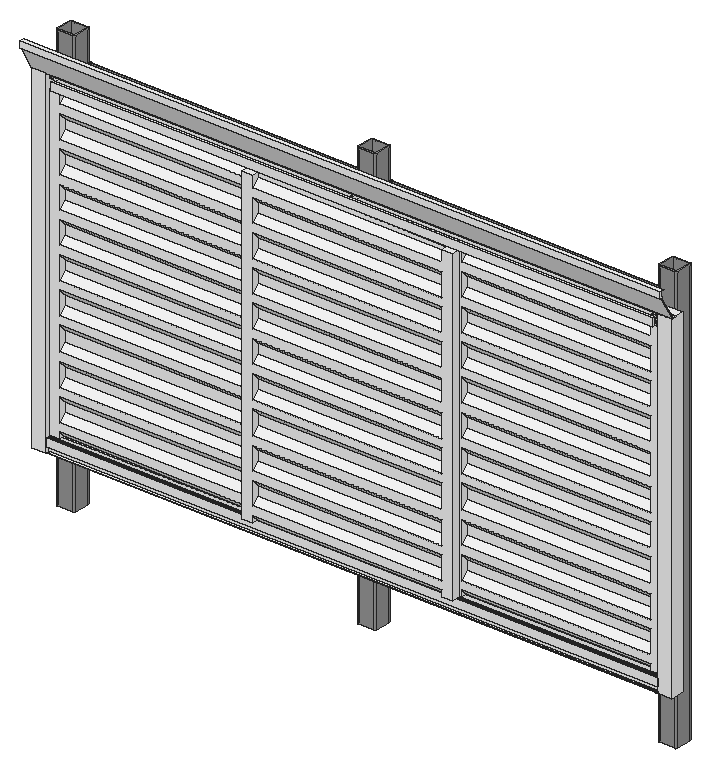
Revit family "Envisor-Premiere-Rooftop-Screen-System_CityScapes-Inc", category Specialty Equipment, Revit 2026 (continued)
Definition of nested family "Cityscapes-Trims"
  Dimensions and locks (in)
    Sweep 2 sketch curve to Sweep 2 sketch curve to Sweep 2 sketch curve to Sweep 2 sketch curve to Sweep 2 sketch curve to Sweep 2 sketch curve to Sweep 2 sketch curve to profile plane to Sweep 2 sketch curve = 0.0625" locked, 1.11186" locked, 0.0625" locked, 0.45405" locked, 0.04595" locked, 4.70064" locked, 0.0625" locked, 0.000" locked
    profile plane to Sweep 2 sketch curve to Sweep 2 sketch curve to Sweep 2 sketch curve to Sweep 2 sketch curve to Sweep 2 sketch curve to Sweep 2 sketch curve to Sweep 2 sketch curve to Sweep 2 sketch curve = 0.000" locked, 0.83892" locked, 0.06243" locked, 2.97365" locked, 0.46385" locked, 0.0625" locked, 0.41115" locked, 0.0625" locked
    Sweep 3 sketch curve to Sweep 3 sketch curve to Sweep 3 sketch curve to Sweep 3 sketch curve to Sweep 3 sketch curve to Sweep 3 sketch curve to Sweep 3 sketch curve to profile plane to Sweep 3 sketch curve to Sweep 3 sketch curve to Sweep 3 sketch curve = 0.0625" locked, 2.54167" locked, 0.0625" locked, 2.60417" locked, 0.0625" locked, 2.58742" locked, 0.0625" locked, 0.000" locked, 0.000" locked, 0.08917" locked
    profile plane to Sweep 3 sketch curve to Sweep 3 sketch curve to Sweep 3 sketch curve to Sweep 3 sketch curve to Sweep 3 sketch curve to Sweep 3 sketch curve to Sweep 3 sketch curve to Sweep 3 sketch curve to Sweep 3 sketch curve to Sweep 3 sketch curve = 0.000" locked, 0.875" locked, 0.0625" locked, 0.66108" locked, 0.0625" locked, 0.500" locked, 0.1875" locked, 0.0625" locked, 0.6875" locked, 0.0625" locked
    Sweep 4 sketch curve to Sweep 4 sketch curve to Sweep 4 sketch curve to Sweep 4 sketch curve to profile plane to Sweep 4 sketch curve to Sweep 4 sketch curve to Sweep 4 sketch curve = 2.78758" locked, 0.0625" locked, 2.58742" locked, 0.0625" locked, 0.000" locked, 0.000" locked, 0.08917" locked
    profile plane to Sweep 4 sketch curve to Sweep 4 sketch curve to Sweep 4 sketch curve to Sweep 4 sketch curve to Sweep 4 sketch curve to Sweep 4 sketch curve to Sweep 4 sketch curve = 0.000" locked, 0.875" locked, 0.0625" locked, 0.66108" locked, 0.0625" locked, 0.6875", 0.0625" locked
    profile plane to Sweep 5 sketch curve to Sweep 5 sketch curve to Sweep 5 sketch curve to Sweep 5 sketch curve to Sweep 5 sketch curve = 0.000" locked, 0.875" locked, 0.0625" locked, 0.66108" locked, 0.0625" locked
    Sweep 5 sketch curve to Sweep 5 sketch curve to profile plane to Sweep 5 sketch curve to Sweep 5 sketch curve to Sweep 5 sketch curve = 2.9375" locked, 0.0625" locked, 0.000" locked, 0.000" locked, 0.08917" locked
    "CD_Height": plane 5 to level
    "CD_Depth": plane 1 "Center (Front/Back)" to plane 6
    locked: plane 1 "Center (Front/Back)" to Extrusion 6 sketch curve at 0.83892
    locked: plane 2 to Extrusion 6 sketch curve at 0.0625
    "CD_Left Corner Offset": plane 7 to plane 3 "Left"
    "CD_Right Corner Offset": plane 4 "Right" to plane 8
    locked: Extrusion 7 to plane 5 at 5.5
    locked: level to Extrusion 7 at 4.50881
    Extrusion 7 sketch curve to plane 8 to Extrusion 7 sketch curve = 4.875" locked, 2.750" locked
    Extrusion 7 sketch curve to plane 6 to Extrusion 7 sketch curve = 2.750" locked, 4.875" locked
    Extrusion 7 sketch curve to plane 7 to Extrusion 7 sketch curve = 4.875" locked, 4.250" locked
    Extrusion 7 sketch curve to plane 6 to Extrusion 7 sketch curve = 4.250" locked, 4.875" locked
    aligned and locked: plane 4 "Right" to curve 1
    aligned and locked: plane 1 "Center (Front/Back)" to curve 1
    aligned and locked: plane 3 "Left" to curve 1
    aligned and locked: level to plane 2
    aligned and locked: plane 4 "Right" to Sweep 1 sketch curve
    aligned and locked: plane 3 "Left" to Sweep 1 sketch curve
    aligned and locked: plane 1 "Center (Front/Back)" to Sweep 1 sketch curve
    aligned and locked: plane 1 "Center (Front/Back)" to Sweep 2 sketch curve
    aligned and locked: plane 3 "Left" to Sweep 2 sketch curve
    aligned and locked: plane 4 "Right" to Sweep 2 sketch curve
    aligned and locked: plane 3 "Left" to Sweep 3 sketch curve
    aligned and locked: plane 4 "Right" to Sweep 3 sketch curve
    aligned and locked: plane 1 "Center (Front/Back)" to Sweep 3 sketch curve
    aligned and locked: plane 3 "Left" to Sweep 4 sketch curve
    aligned and locked: plane 4 "Right" to Sweep 4 sketch curve
    aligned and locked: plane 1 "Center (Front/Back)" to Sweep 4 sketch curve
    aligned and locked: plane 3 "Left" to Sweep 5 sketch curve
    aligned and locked: plane 4 "Right" to Sweep 5 sketch curve
    aligned and locked: plane 1 "Center (Front/Back)" to Sweep 5 sketch curve
    aligned and locked: Extrusion 6 sketch curve to plane 2
    aligned and locked: Extrusion 6 sketch curve to plane 6
    aligned and locked: Extrusion 6 sketch curve to plane 5
    aligned and locked: plane 1 "Center (Front/Back)" to Extrusion 6 sketch curve
    aligned and locked: plane 4 "Right" to Extrusion 6
    aligned and locked: Extrusion 6 to plane 3 "Left"
  Automatic sketch dimensions
    Sweep 2 sketch curve to Sweep 2 sketch curve = 0.000"  (x2)
Definition of nested family "Nested-Cityscapes-4x4 Beam"
  Parameters (values of type "4x4 Vertical Beam")
    URL = "Link to MFG corporate homepage"
    Type Comments = "Comments based on Product Type"
    Model = "Model Name or ID, set with equation if possible"  # constant formula
    Manufacturer = "Full Manufacturer Name"  # constant formula
    Description = "General Description of Product"  # constant formula
    Default Elevation = 0.000"
    CD_Width = 4.000"  # constant formula
    CD_Warranty = "Link to MFG Warranty Information"
    CD_Unit Size = "Description of Product Sizing, set with equation if possible"  # constant formula
    CD_Trim Height [instance] = 6.500"
    CD_Specification = "Link to Product Specification"
    CD_Product Page URL = "Link to MFG Product Page"
    CD_Product Name = "Name of Product/Series represented, set with equation if possible"  # constant formula
    CD_Product Documentation Link = "Link to MFG Product Brochure or Doocumentation"
    CD_Microsite = "Link to MFG CADdetails Microsite"
    CD_Install Documentation = "Link to MFG Installtion Documentation"
    CD_Height [instance] = 96.000"
    CD_Finish [instance] = none
    CD_Disclaimer = "Insert Product Description usage if available"  # constant formula
    CD_Depth = 4.000"  # constant formula
    CD_Curb Height [instance] = 12.000"
    CD_Architectural Portal = "Link to MFG Technical Resources"
    Assembly Code = "Connect to closest Uniformat"
  Reference planes (in)
    plane 1 "Center (Front/Back)": y = 0
    plane 2 "Bottom": z = 0
    plane 3 "Center (Left/Right)": x = 0
    plane 4 "top beam": z = 96
    plane 5 "Left": x = -2
    plane 6 "Right": x = 2
    plane 7 "Back": y = 2
    plane 8 "Front": y = -2
    plane 9 "curb": z = 12
    plane 10: z = 12.125
    plane 11: z = 13.385
    plane 12 "trim": z = 89.5
    plane 13 "t panel": z = 88.115
    plane 14: x = -1
    plane 15: x = 1
  Forms (in)
    Extrusion 1, solid, material <- "CD_Finish", detail levels coarse
      sketch origin (0, 0, 0) x (1, 0, 0) y (0, 1, 0)
        loop
          line (-2, 2) -> (-2, -2) -> (2, -2) -> (2, 2) -> (-2, 2)
      from 0 to 96
    Extrusion 2, solid, material <- "CD_Finish", detail levels medium+fine
      sketch origin (0, 0, 0) x (1, 0, 0) y (0, 1, 0)
        loop
          arc (-1.625, 2) -> (-1.89017, 1.89017) -> (-2, 1.625) r 0.375
          line (-2, 1.625) -> (-2, -1.625)
          arc (-2, -1.625) -> (-1.89017, -1.89017) -> (-1.625, -2) r 0.375
          line (-1.625, -2) -> (1.625, -2)
          arc (1.625, -2) -> (1.89017, -1.89017) -> (2, -1.625) r 0.375
          line (2, -1.625) -> (2, 1.625)
          arc (2, 1.625) -> (1.89017, 1.89017) -> (1.625, 2) r 0.375
          line (1.625, 2) -> (-1.625, 2)
        loop
          line (-1.75, 1.6875) -> (-1.75, -1.6875)
          arc (-1.75, -1.6875) -> (-1.73169, -1.73169) -> (-1.6875, -1.75) r 0.0625
          line (-1.6875, -1.75) -> (1.6875, -1.75)
          arc (1.6875, -1.75) -> (1.73169, -1.73169) -> (1.75, -1.6875) r 0.0625
          line (1.75, -1.6875) -> (1.75, 1.6875)
          arc (1.75, 1.6875) -> (1.73169, 1.73169) -> (1.6875, 1.75) r 0.0625
          line (1.6875, 1.75) -> (-1.6875, 1.75)
          arc (-1.6875, 1.75) -> (-1.73169, 1.73169) -> (-1.75, 1.6875) r 0.0625
      from 0 to 96
    Extrusion 3, solid, material <- "CD_Finish", detail levels medium+fine
      sketch origin (0, 0, 5.55864) x (0, 1, 0) y (0, 0, 1)
        loop
          line (-2, 7.4514) -> (-2, 10.4514) -> (-2.125, 10.4514)
          arc (-2.125, 10.4514) -> (-2.21339, 10.41479) -> (-2.25, 10.3264) r 0.125
          line (-2.25, 10.3264) -> (-2.25, 7.8264)
          arc (-2.25, 7.8264) -> (-2.28661, 7.73801) -> (-2.375, 7.7014) r 0.125
          line (-2.375, 7.7014) -> (-4.875, 7.7014)
          arc (-4.875, 7.7014) -> (-4.96339, 7.66479) -> (-5, 7.5764) r 0.125
          line (-5, 7.5764) -> (-5, 7.4514) -> (-2, 7.4514)
      from -1 to 1
    Extrusion 4, solid, material <- "CD_Finish", detail levels medium+fine
      sketch origin (0, 0, 95.94136) x (0, 1, 0) y (0, 0, 1)
        loop
          line (-2, -7.4514) -> (-5, -7.4514) -> (-5, -7.5764)
          arc (-5, -7.5764) -> (-4.96339, -7.66479) -> (-4.875, -7.7014) r 0.125
          line (-4.875, -7.7014) -> (-2.375, -7.7014)
          arc (-2.375, -7.7014) -> (-2.28661, -7.73801) -> (-2.25, -7.8264) r 0.125
          line (-2.25, -7.8264) -> (-2.25, -10.3264)
          arc (-2.25, -10.3264) -> (-2.21339, -10.41479) -> (-2.125, -10.4514) r 0.125
          line (-2.125, -10.4514) -> (-2, -10.4514) -> (-2, -7.4514)
      from -1 to 1
  Dimensions and locks (in)
    "CD_Height": plane 4 "top beam" to plane 2 "Bottom"
    equal spacing: plane 5 "Left", plane 3 "Center (Left/Right)", plane 6 "Right"
    "CD_Width": plane 5 "Left" to plane 6 "Right"
    equal spacing: plane 8 "Front", plane 1 "Center (Front/Back)", plane 7 "Back"
    "CD_Depth": plane 8 "Front" to plane 7 "Back"
    locked: plane 5 "Left" to Extrusion 2 sketch curve at 0.25
    locked: Extrusion 2 sketch curve to plane 6 "Right" at 0.25
    locked: Extrusion 2 sketch curve to plane 7 "Back" at 0.25
    locked: plane 8 "Front" to Extrusion 2 sketch curve at 0.25
    "CD_Curb Height": plane 9 "curb" to level
    plane 11 to plane 10 to plane 9 "curb" = 1.260" locked, 0.125" locked
    "CD_Trim Height": plane 4 "top beam" to plane 12 "trim"
    locked: plane 12 "trim" to plane 13 "t panel" at 1.385
    plane 15 to plane 3 "Center (Left/Right)" to plane 14 = 1.000" locked, 1.000" locked
    aligned and locked: plane 2 "Bottom" to level
    aligned and locked: plane 7 "Back" to Extrusion 1 sketch curve
    aligned and locked: plane 5 "Left" to Extrusion 1 sketch curve
    aligned and locked: Extrusion 1 sketch curve to plane 8 "Front"
    aligned and locked: Extrusion 1 sketch curve to plane 6 "Right"
    aligned and locked: Extrusion 1 to level
    aligned and locked: plane 4 "top beam" to Extrusion 1
    aligned and locked: plane 5 "Left" to Extrusion 2 sketch curve
    aligned and locked: Extrusion 2 sketch curve to plane 8 "Front"
    aligned and locked: Extrusion 2 sketch curve to plane 6 "Right"
    aligned and locked: plane 7 "Back" to Extrusion 2 sketch curve
    aligned and locked: Extrusion 2 to level
    aligned and locked: plane 4 "top beam" to Extrusion 2
    aligned and locked: Extrusion 4 to plane 14
    aligned and locked: plane 15 to Extrusion 4
    aligned and locked: Extrusion 3 to plane 14
    aligned and locked: plane 15 to Extrusion 3
  Automatic sketch dimensions
    Extrusion 2 sketch curve to Extrusion 2 sketch curve = 0.0625"  (x6)
    Extrusion 2 sketch curve to Extrusion 2 sketch curve = 0.125"  (x2)
    Extrusion 3 sketch curve to plane 8 "Front" = 0.000"
    plane 8 "Front" to Extrusion 3 sketch curve = 0.125"
    plane 11 to Extrusion 3 sketch curve = 0.00004"
    plane 8 "Front" to Extrusion 3 sketch curve = 0.250"
    Extrusion 3 sketch curve to plane 11 = 0.12496"
    Extrusion 3 sketch curve to plane 11 = 0.24996"
    Extrusion 3 sketch curve to Extrusion 3 sketch curve = 2.500"
    Extrusion 3 sketch curve to plane 11 = 0.37496"
    plane 11 to Extrusion 3 sketch curve = 2.50004"
    Extrusion 4 sketch curve to plane 8 "Front" = 0.000"
    plane 8 "Front" to Extrusion 4 sketch curve = 0.125"
    Extrusion 4 sketch curve to plane 13 "t panel" = 0.00004"
    plane 8 "Front" to Extrusion 4 sketch curve = 0.250"
    plane 13 "t panel" to Extrusion 4 sketch curve = 0.12496"
    plane 13 "t panel" to Extrusion 4 sketch curve = 0.24996"
    Extrusion 4 sketch curve to Extrusion 4 sketch curve = 2.500"  (x2)
    plane 13 "t panel" to Extrusion 4 sketch curve = 0.37496"
Definition of nested family "Nested-Cityscapes-4x4 Beam_Horizontal"
  Parameters (values of type "4x4 Horizontal Beam")
    URL = "Link to MFG corporate homepage"
    Type Comments = "Comments based on Product Type"
    Model = "Model Name or ID, set with equation if possible"  # constant formula
    Manufacturer = "Full Manufacturer Name"  # constant formula
    Description = "General Description of Product"  # constant formula
    Default Elevation = 0.000"
    CD_Width Mid [instance] = 48.000"
    CD_Width = 4.000"  # constant formula
    CD_Warranty = "Link to MFG Warranty Information"
    CD_Unit Size = "Description of Product Sizing, set with equation if possible"  # constant formula
    CD_Trim Height [instance] = 6.500"
    CD_Specification = "Link to Product Specification"
    CD_Product Page URL = "Link to MFG Product Page"
    CD_Product Name = "Name of Product/Series represented, set with equation if possible"  # constant formula
    CD_Product Documentation Link = "Link to MFG Product Brochure or Doocumentation"
    CD_Microsite = "Link to MFG CADdetails Microsite"
    CD_Install Documentation = "Link to MFG Installtion Documentation"
    CD_Height [instance] = 96.000"
    CD_Finish [instance] = none
    CD_Disclaimer = "Insert Product Description usage if available"  # constant formula
    CD_Depth = 4.000"  # constant formula
    CD_Curb Height [instance] = 12.000"
    CD_Architectural Portal = "Link to MFG Technical Resources"
    Assembly Code = "Connect to closest Uniformat"
  Reference planes (in)
    plane 1 "Center (Front/Back)": y = 0
    plane 2 "Bottom": z = 0
    plane 3 "Center (Left/Right)": x = 0
    plane 4 "top beam": z = 96
    plane 5 "Left": x = -2
    plane 6 "Right": x = 2
    plane 7 "Back": y = 2
    plane 8 "Front": y = -2
    plane 9 "curb": z = 12
    plane 10 "trim": z = 89.5
    plane 11: x = 46
    plane 12: x = 48
    plane 13: x = 50
  Forms (in)
    Extrusion 1, solid, material <- "CD_Finish", detail levels coarse
      sketch origin (0, 0, 0) x (0, 1, 0) y (0, 0, 1)
        loop
          line (2, 12) -> (2, 16) -> (-2, 16) -> (-2, 12) -> (2, 12)
      from 2 to 46
    Extrusion 2, solid, material <- "CD_Finish", detail levels coarse
      sketch origin (0, 0, 73.5) x (0, 1, 0) y (0, 0, 1)
        loop
          line (2, 12) -> (2, 16) -> (-2, 16) -> (-2, 12) -> (2, 12)
      from 2 to 46
    Extrusion 3, solid, material <- "CD_Finish", detail levels medium+fine
      sketch origin (0, 0, 0) x (0, 1, 0) y (0, 0, 1)
        loop
          line (-1.625, 12) -> (1.625, 12)
          arc (1.625, 12) -> (1.89017, 12.10983) -> (2, 12.375) r 0.375
          line (2, 12.375) -> (2, 15.625)
          arc (2, 15.625) -> (1.89017, 15.89017) -> (1.625, 16) r 0.375
          line (1.625, 16) -> (-1.625, 16)
          arc (-1.625, 16) -> (-1.89017, 15.89017) -> (-2, 15.625) r 0.375
          line (-2, 15.625) -> (-2, 12.375)
          arc (-2, 12.375) -> (-1.89017, 12.10983) -> (-1.625, 12) r 0.375
        loop
          line (1.6875, 15.75) -> (-1.6875, 15.75)
          arc (-1.6875, 15.75) -> (-1.73169, 15.73169) -> (-1.75, 15.6875) r 0.0625
          line (-1.75, 15.6875) -> (-1.75, 12.3125)
          arc (-1.75, 12.3125) -> (-1.73169, 12.26831) -> (-1.6875, 12.25) r 0.0625
          line (-1.6875, 12.25) -> (1.6875, 12.25)
          arc (1.6875, 12.25) -> (1.73169, 12.26831) -> (1.75, 12.3125) r 0.0625
          line (1.75, 12.3125) -> (1.75, 15.6875)
          arc (1.75, 15.6875) -> (1.73169, 15.73169) -> (1.6875, 15.75) r 0.0625
      from 2 to 46
    Extrusion 4, solid, material <- "CD_Finish", detail levels medium+fine
      sketch origin (0, 0, 73.5) x (0, 1, 0) y (0, 0, 1)
        loop
          line (-1.625, 12) -> (1.625, 12)
          arc (1.625, 12) -> (1.89017, 12.10983) -> (2, 12.375) r 0.375
          line (2, 12.375) -> (2, 15.625)
          arc (2, 15.625) -> (1.89017, 15.89017) -> (1.625, 16) r 0.375
          line (1.625, 16) -> (-1.625, 16)
          arc (-1.625, 16) -> (-1.89017, 15.89017) -> (-2, 15.625) r 0.375
          line (-2, 15.625) -> (-2, 12.375)
          arc (-2, 12.375) -> (-1.89017, 12.10983) -> (-1.625, 12) r 0.375
        loop
          line (1.6875, 15.75) -> (-1.6875, 15.75)
          arc (-1.6875, 15.75) -> (-1.73169, 15.73169) -> (-1.75, 15.6875) r 0.0625
          line (-1.75, 15.6875) -> (-1.75, 12.3125)
          arc (-1.75, 12.3125) -> (-1.73169, 12.26831) -> (-1.6875, 12.25) r 0.0625
          line (-1.6875, 12.25) -> (1.6875, 12.25)
          arc (1.6875, 12.25) -> (1.73169, 12.26831) -> (1.75, 12.3125) r 0.0625
          line (1.75, 12.3125) -> (1.75, 15.6875)
          arc (1.75, 15.6875) -> (1.73169, 15.73169) -> (1.6875, 15.75) r 0.0625
      from 2 to 46
  Dimensions and locks (in)
    "CD_Height": plane 4 "top beam" to plane 2 "Bottom"
    equal spacing: plane 5 "Left", plane 3 "Center (Left/Right)", plane 6 "Right"
    "CD_Width": plane 5 "Left" to plane 6 "Right"
    equal spacing: plane 8 "Front", plane 1 "Center (Front/Back)", plane 7 "Back"
    "CD_Depth": plane 8 "Front" to plane 7 "Back"
    "CD_Curb Height": plane 9 "curb" to level
    "CD_Trim Height": plane 4 "top beam" to plane 10 "trim"
    "CD_Width Mid": plane 3 "Center (Left/Right)" to plane 12
    locked: Extrusion 1 sketch curve to plane 9 "curb" at 4
    locked: plane 10 "trim" to Extrusion 2 sketch curve at 4
    locked: Extrusion 3 sketch curve to plane 9 "curb" at 4
    locked: Extrusion 3 sketch curve to plane 8 "Front" at 0.25
    locked: plane 7 "Back" to Extrusion 3 sketch curve at 0.25
    locked: Extrusion 3 sketch curve to plane 9 "curb" at 0.25
    locked: Extrusion 3 sketch curve to Extrusion 3 sketch curve at 0.25
    locked: Extrusion 4 sketch curve to Extrusion 4 sketch curve at 0.25  (x2)
    locked: plane 10 "trim" to Extrusion 4 sketch curve at 4
    locked: plane 7 "Back" to Extrusion 4 sketch curve at 0.25
    locked: Extrusion 4 sketch curve to plane 8 "Front" at 0.25
    "CD_Width": plane 11 to plane 13
    equal spacing: plane 11, plane 12, plane 13
    aligned and locked: plane 2 "Bottom" to level
    aligned and locked: Extrusion 1 sketch curve to plane 7 "Back"
    aligned and locked: plane 8 "Front" to Extrusion 1 sketch curve
    aligned and locked: Extrusion 1 sketch curve to plane 9 "curb"
    aligned and locked: plane 11 to Extrusion 1
    aligned and locked: Extrusion 1 to plane 6 "Right"
    aligned and locked: plane 10 "trim" to Extrusion 2 sketch curve
    aligned and locked: plane 8 "Front" to Extrusion 2 sketch curve
    aligned and locked: Extrusion 2 sketch curve to plane 7 "Back"
    aligned and locked: Extrusion 2 to plane 6 "Right"
    aligned and locked: plane 11 to Extrusion 2
    aligned and locked: plane 7 "Back" to Extrusion 3 sketch curve
    aligned and locked: plane 9 "curb" to Extrusion 3 sketch curve
    aligned and locked: Extrusion 3 sketch curve to plane 8 "Front"
    aligned and locked: plane 11 to Extrusion 3
    aligned and locked: Extrusion 3 to plane 6 "Right"
    aligned and locked: plane 7 "Back" to Extrusion 4 sketch curve
    aligned and locked: Extrusion 4 sketch curve to plane 8 "Front"
    aligned and locked: Extrusion 4 sketch curve to plane 10 "trim"
    aligned and locked: plane 11 to Extrusion 4
    aligned and locked: Extrusion 4 to plane 6 "Right"
  Automatic sketch dimensions
    Extrusion 3 sketch curve to Extrusion 3 sketch curve = 0.0625"  (x6)
    Extrusion 3 sketch curve to Extrusion 3 sketch curve = 0.125"  (x2)
    Extrusion 4 sketch curve to Extrusion 4 sketch curve = 0.0625"  (x7)
    plane 7 "Back" to Extrusion 4 sketch curve = 0.375"
Definition of nested family "Nested-Cityscapes-Rail"
  Parameters (values of type "4x4 Vertical Beam")
    URL = "Link to MFG corporate homepage"
    Type Comments = "Comments based on Product Type"
    Model = "Model Name or ID, set with equation if possible"  # constant formula
    Manufacturer = "Full Manufacturer Name"  # constant formula
    Description = "General Description of Product"  # constant formula
    Default Elevation = 0.000"
    CD_Width = 4.000"  # constant formula
    CD_Warranty = "Link to MFG Warranty Information"
    CD_Unit Size = "Description of Product Sizing, set with equation if possible"  # constant formula
    CD_Trim Height [instance] = 6.500"
    CD_Specification = "Link to Product Specification"
    CD_Product Page URL = "Link to MFG Product Page"
    CD_Product Name = "Name of Product/Series represented, set with equation if possible"  # constant formula
    CD_Product Documentation Link = "Link to MFG Product Brochure or Doocumentation"
    CD_Microsite = "Link to MFG CADdetails Microsite"
    CD_Length [instance] = 144.000"
    CD_Install Documentation = "Link to MFG Installtion Documentation"
    CD_Height [instance] = 96.000"
    CD_Finish [instance] = none
    CD_Disclaimer = "Insert Product Description usage if available"  # constant formula
    CD_Depth = 4.000"  # constant formula
    CD_Curb Height [instance] = 12.000"
    CD_Architectural Portal = "Link to MFG Technical Resources"
    Assembly Code = "Connect to closest Uniformat"
  Reference planes (in)
    plane 1 "Center (Front/Back)": y = 0
    plane 2 "Bottom": z = 0
    plane 3 "Center (Left/Right)": x = 0
    plane 4 "top beam": z = 96
    plane 5 "Left": x = -1
    plane 6 "Right": x = 1
    plane 7 "Back": y = 2
    plane 8 "Front": y = -2
    plane 9 "curb": z = 12
    plane 10: z = 12.125
    plane 11: z = 13.385
    plane 12 "trim": z = 89.5
    plane 13 "t panel": z = 88.115
    plane 14 "Extent": x = 144
    plane 15: x = 143
    plane 16: x = 145
  Forms (in)
    Extrusion 1, solid, material <- "CD_Finish", detail levels medium+fine
      sketch origin (0, 19.10673, -6.96669) x (0, 1, 0) y (0, 0, 1)
        loop
          line (-21.94209, 21.85173) -> (-22.24157, 21.85173) -> (-22.24157, 21.72696) -> (-22.06709, 21.72696) -> (-22.06709, 20.35173) -> (-22.66708, 20.35173) -> (-22.66708, 21.72696) -> (-22.4926, 21.72696) -> (-22.4926, 21.85173) -> (-22.79208, 21.85173) -> (-22.79208, 21.06673) -> (-22.97958, 21.06673) -> (-22.97958, 20.97673) -> (-22.79208, 20.97673) -> (-22.79208, 20.85673) -> (-22.97958, 20.85673) -> (-22.97958, 20.76673) -> (-22.79208, 20.76673) -> (-22.79208, 20.35173) -> (-23.26707, 20.35173) -> (-23.26707, 20.41422) -> (-23.35707, 20.41422) -> (-23.35707, 20.35173) -> (-23.47706, 20.35173) -> (-23.47706, 20.41422) -> (-23.56706, 20.41422) -> (-23.56706, 20.35173) -> (-24.04208, 20.35173) -> (-24.04208, 20.76673) -> (-23.85458, 20.76673) -> (-23.85458, 20.85673) -> (-24.04208, 20.85673) -> (-24.04208, 20.97673) -> (-23.85458, 20.97673) -> (-23.85458, 21.06673) -> (-24.04208, 21.06673) -> (-24.04208, 21.85173) -> (-24.34157, 21.85173) -> (-24.34157, 21.72696) -> (-24.16708, 21.72696) -> (-24.16708, 20.35173) -> (-24.76708, 20.35173) -> (-24.76708, 21.72696) -> (-24.59259, 21.72696) -> (-24.59259, 21.85173) -> (-24.89209, 21.85173) -> (-24.89209, 20.22673) -> (-24.23173, 20.22673) -> (-24.23173, 19.06169) -> (-24.77873, 19.06169) -> (-24.77873, 19.00606) -> (-24.84173, 19.00606) -> (-24.84173, 18.96669) -> (-23.91798, 18.96669) -> (-23.91798, 18.89669) -> (-24.01173, 18.89669) -> (-24.01173, 18.83369) -> (-23.85498, 18.83369) -> (-23.85498, 18.96669) -> (-22.97958, 18.96669) -> (-22.97958, 19.09173) -> (-24.10673, 19.09173) -> (-24.10673, 20.22673) -> (-21.94209, 20.22673) -> (-21.94209, 21.85173)
      from -1 to 145
    Extrusion 2, solid, material <- "CD_Finish", detail levels medium+fine
      sketch origin (0, 21.34616, 54.79239) x (0, 1, 0) y (0, 0, 1)
        loop
          line (-24.18152, 31.82257) -> (-24.18152, 33.44757) -> (-26.34616, 33.44757) -> (-26.34616, 34.58257) -> (-25.21902, 34.58257) -> (-25.21902, 34.70761) -> (-26.09441, 34.70761) -> (-26.09441, 34.84061) -> (-26.25116, 34.84061) -> (-26.25116, 34.77761) -> (-26.15741, 34.77761) -> (-26.15741, 34.70761) -> (-27.08116, 34.70761) -> (-27.08116, 34.66824) -> (-27.01816, 34.66824) -> (-27.01816, 34.61261) -> (-26.47116, 34.61261) -> (-26.47116, 33.44757) -> (-27.13152, 33.44757) -> (-27.13152, 31.82257) -> (-26.83203, 31.82257) -> (-26.83203, 31.94734) -> (-27.00651, 31.94734) -> (-27.00651, 33.32257) -> (-26.40652, 33.32257) -> (-26.40652, 31.94734) -> (-26.581, 31.94734) -> (-26.581, 31.82257) -> (-26.28152, 31.82257) -> (-26.28152, 32.60757) -> (-26.09402, 32.60757) -> (-26.09402, 32.69757) -> (-26.28152, 32.69757) -> (-26.28152, 32.81757) -> (-26.09402, 32.81757) -> (-26.09402, 32.90757) -> (-26.28152, 32.90757) -> (-26.28152, 33.32257) -> (-25.80649, 33.32257) -> (-25.80649, 33.26008) -> (-25.71649, 33.26008) -> (-25.71649, 33.32257) -> (-25.59651, 33.32257) -> (-25.59651, 33.26008) -> (-25.50651, 33.26008) -> (-25.50651, 33.32257) -> (-25.03152, 33.32257) -> (-25.03152, 32.90757) -> (-25.21902, 32.90757) -> (-25.21902, 32.81757) -> (-25.03152, 32.81757) -> (-25.03152, 32.69757) -> (-25.21902, 32.69757) -> (-25.21902, 32.60757) -> (-25.03152, 32.60757) -> (-25.03152, 31.82257) -> (-24.73203, 31.82257) -> (-24.73203, 31.94734) -> (-24.90652, 31.94734) -> (-24.90652, 33.32257) -> (-24.30652, 33.32257) -> (-24.30652, 31.94734) -> (-24.48101, 31.94734) -> (-24.48101, 31.82257) -> (-24.18152, 31.82257)
      from 0 to 144
    Extrusion 3, solid, material <- "CD_Finish", detail levels coarse
      sketch origin (0, 0, 0.12496) x (0, 1, 0) y (0, 0, 1)
        loop
          line (-5.78536, 86.49) -> (-2, 86.49) -> (-2, 89.37504) -> (-5.78536, 89.37504) -> (-5.78536, 86.49)
      from 0 to 144
    Extrusion 4, solid, material <- "CD_Finish", detail levels coarse
      sketch origin (0, 0, -74.61496) x (0, 1, 0) y (0, 0, 1)
        loop
          line (-5.78536, 86.49) -> (-2, 86.49) -> (-2, 89.5) -> (-5.78536, 89.5) -> (-5.78536, 86.49)
      from -1 to 145
  Dimensions and locks (in)
    "CD_Height": plane 4 "top beam" to plane 2 "Bottom"
    equal spacing: plane 5 "Left", plane 3 "Center (Left/Right)", plane 6 "Right"
    "CD_Length": plane 3 "Center (Left/Right)" to plane 14 "Extent"
    equal spacing: plane 8 "Front", plane 1 "Center (Front/Back)", plane 7 "Back"
    "CD_Depth": plane 8 "Front" to plane 7 "Back"
    "CD_Curb Height": plane 9 "curb" to level
    plane 11 to plane 10 to plane 9 "curb" = 1.260" locked, 0.125" locked
    "CD_Trim Height": plane 4 "top beam" to plane 12 "trim"
    locked: plane 12 "trim" to plane 13 "t panel" at 1.385
    Extrusion 1 sketch curve to Extrusion 1 sketch curve to Extrusion 1 sketch curve to Extrusion 1 sketch curve to Extrusion 1 sketch curve to Extrusion 1 sketch curve to Extrusion 1 sketch curve to Extrusion 1 sketch curve to Extrusion 1 sketch curve to Extrusion 1 sketch curve to Extrusion 1 sketch curve to Extrusion 1 sketch curve to Extrusion 1 sketch curve to Extrusion 1 sketch curve to Extrusion 1 sketch curve to Extrusion 1 sketch curve to Extrusion 1 sketch curve to Extrusion 1 sketch curve to Extrusion 1 sketch curve to Extrusion 1 sketch curve to Extrusion 1 sketch curve to Extrusion 1 sketch curve to Extrusion 1 sketch curve to Extrusion 1 sketch curve to Extrusion 1 sketch curve to Extrusion 1 sketch curve to Extrusion 1 sketch curve to Extrusion 1 sketch curve to Extrusion 1 sketch curve to Extrusion 1 sketch curve to Extrusion 1 sketch curve to Extrusion 1 sketch curve = 0.125" locked, 0.17449" locked, 0.25102" locked, 0.17449" locked, 0.125" locked, 0.000" locked, 0.000" locked, 0.1875" locked, 0.000" locked, 0.000" locked, 0.28749" locked, 0.090" locked, 0.11998" locked, 0.090" locked, 0.28753", 0.000" locked, 0.0004" locked, 0.063" locked, 0.09375" locked, 0.03035" locked, 0.000" locked, 0.000" locked, 0.06465" locked, 0.06035" locked, 0.06465" locked, 0.10984" locked, 0.25102" locked, 0.17449" locked, 0.01165" locked, 0.063" locked, 0.05036" locked
    Extrusion 1 sketch curve to Extrusion 1 sketch curve to Extrusion 1 sketch curve to Extrusion 1 sketch curve to Extrusion 1 sketch curve to Extrusion 1 sketch curve to Extrusion 1 sketch curve to Extrusion 1 sketch curve to Extrusion 1 sketch curve to Extrusion 1 sketch curve to Extrusion 1 sketch curve to Extrusion 1 sketch curve to Extrusion 1 sketch curve to Extrusion 1 sketch curve to Extrusion 1 sketch curve to Extrusion 1 sketch curve to Extrusion 1 sketch curve to Extrusion 1 sketch curve to Extrusion 1 sketch curve to Extrusion 1 sketch curve to Extrusion 1 sketch curve to Extrusion 1 sketch curve to Extrusion 1 sketch curve to Extrusion 1 sketch curve to Extrusion 1 sketch curve to Extrusion 1 sketch curve to Extrusion 1 sketch curve to Extrusion 1 sketch curve to Extrusion 1 sketch curve to Extrusion 1 sketch curve to Extrusion 1 sketch curve to Extrusion 1 sketch curve = 0.000" locked, 0.000" locked, 0.000" locked, 0.12477" locked, 0.000" locked, 0.000" locked, 0.000" locked, 0.66023" locked, 0.000" locked, 0.090" locked, 0.000" locked, 0.120" locked, 0.000" locked, 0.090" locked, 0.000" locked, 0.35251" locked, 0.000" locked, 0.06249" locked, 0.000" locked, 0.000" locked, 0.000" locked, 0.000" locked, 0.125" locked, 0.000" locked, 1.135" locked, 0.03004" locked, 0.05563" locked, 0.03937", 0.000" locked, 0.070" locked, 0.063"
    Extrusion 2 sketch curve to Extrusion 2 sketch curve to Extrusion 2 sketch curve to Extrusion 2 sketch curve to Extrusion 2 sketch curve to Extrusion 2 sketch curve to Extrusion 2 sketch curve to Extrusion 2 sketch curve to Extrusion 2 sketch curve to Extrusion 2 sketch curve to Extrusion 2 sketch curve to Extrusion 2 sketch curve to Extrusion 2 sketch curve to Extrusion 2 sketch curve to Extrusion 2 sketch curve to Extrusion 2 sketch curve to Extrusion 2 sketch curve to Extrusion 2 sketch curve to Extrusion 2 sketch curve to Extrusion 2 sketch curve to Extrusion 2 sketch curve to Extrusion 2 sketch curve to Extrusion 2 sketch curve to Extrusion 2 sketch curve to Extrusion 2 sketch curve to Extrusion 2 sketch curve to Extrusion 2 sketch curve to Extrusion 2 sketch curve to Extrusion 2 sketch curve to Extrusion 2 sketch curve to Extrusion 2 sketch curve to Extrusion 2 sketch curve = 0.125" locked, 0.17449" locked, 0.25102" locked, 0.17449" locked, 0.125" locked, 0.000" locked, 0.000" locked, 0.1875" locked, 0.000" locked, 0.000" locked, 0.28749" locked, 0.090" locked, 0.11998" locked, 0.090" locked, 0.28753", 0.000" locked, 0.0004" locked, 0.063" locked, 0.09375" locked, 0.03035" locked, 0.000" locked, 0.000" locked, 0.06465" locked, 0.06035" locked, 0.06465" locked, 0.10984" locked, 0.25102" locked, 0.17449" locked, 0.01165" locked, 0.063" locked, 0.05036" locked
    Extrusion 2 sketch curve to Extrusion 2 sketch curve to Extrusion 2 sketch curve to Extrusion 2 sketch curve to Extrusion 2 sketch curve to Extrusion 2 sketch curve to Extrusion 2 sketch curve to Extrusion 2 sketch curve to Extrusion 2 sketch curve to Extrusion 2 sketch curve to Extrusion 2 sketch curve to Extrusion 2 sketch curve to Extrusion 2 sketch curve to Extrusion 2 sketch curve to Extrusion 2 sketch curve to Extrusion 2 sketch curve to Extrusion 2 sketch curve to Extrusion 2 sketch curve to Extrusion 2 sketch curve to Extrusion 2 sketch curve to Extrusion 2 sketch curve to Extrusion 2 sketch curve to Extrusion 2 sketch curve to Extrusion 2 sketch curve to Extrusion 2 sketch curve to Extrusion 2 sketch curve to Extrusion 2 sketch curve to Extrusion 2 sketch curve to Extrusion 2 sketch curve to Extrusion 2 sketch curve to Extrusion 2 sketch curve to Extrusion 2 sketch curve = 0.000" locked, 0.000" locked, 0.000" locked, 0.12477" locked, 0.000" locked, 0.000" locked, 0.000" locked, 0.66023" locked, 0.000" locked, 0.090" locked, 0.000" locked, 0.120" locked, 0.000" locked, 0.090" locked, 0.000" locked, 0.35251" locked, 0.000" locked, 0.06249" locked, 0.000" locked, 0.000" locked, 0.000" locked, 0.000" locked, 0.125" locked, 0.000" locked, 1.135" locked, 0.03004" locked, 0.05563" locked, 0.03937", 0.000" locked, 0.070" locked, 0.063"
    plane 12 "trim" to Extrusion 3 sketch curve = 2.88504"
    locked: plane 8 "Front" to Extrusion 3 sketch curve at 3.78536
    locked: plane 5 "Left" to plane 6 "Right" at 2
    locked: plane 15 to plane 16 at 2
    equal spacing: plane 15, plane 14 "Extent", plane 16
    aligned and locked: plane 2 "Bottom" to level
    aligned and locked: plane 8 "Front" to Extrusion 3 sketch curve
    aligned and locked: plane 12 "trim" to Extrusion 3
    aligned and locked: plane 14 "Extent" to Extrusion 2
    aligned and locked: Extrusion 2 to plane 3 "Center (Left/Right)"
    aligned and locked: Extrusion 3 to Extrusion 2
    aligned and locked: Extrusion 3 to plane 3 "Center (Left/Right)"
    aligned and locked: plane 16 to Extrusion 4
    aligned and locked: plane 16 to Extrusion 1
    aligned and locked: Extrusion 4 to plane 5 "Left"
    aligned and locked: Extrusion 1 to plane 5 "Left"
  Automatic sketch dimensions
    Extrusion 1 sketch curve to plane 9 "curb" = 0.000"
    plane 8 "Front" to Extrusion 1 sketch curve = 3.78536"
    Extrusion 2 sketch curve to plane 12 "trim" = 0.000"
    plane 8 "Front" to Extrusion 2 sketch curve = 3.78536"
    Extrusion 3 sketch curve to plane 12 "trim" = 0.000"
    Extrusion 4 sketch curve to plane 8 "Front" = 0.000"
    Extrusion 4 sketch curve to plane 9 "curb" = 0.12496"
    Extrusion 4 sketch curve to Extrusion 4 sketch curve = 3.78536"
    plane 11 to Extrusion 4 sketch curve = 1.50004"
